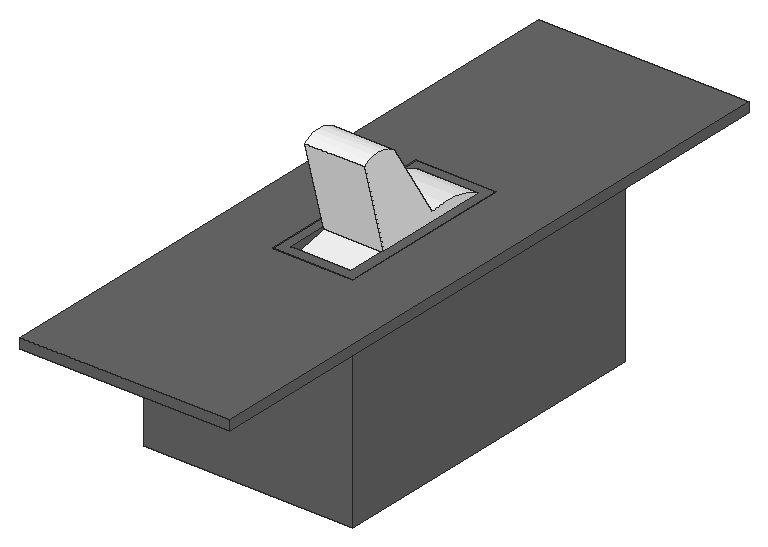
Revit family "Switch_Toggle_Leviton_Toggle-Industrial", category Electrical Fixtures, Revit 2026
Family settings
  Round Connector Dimension = Use Diameter
  Part Type = Normal
  Work Plane-Based = Yes
  Always vertical = No
  Cut with Voids When Loaded = No
  Maintain Annotation Orientation = No
  Shared = No
  Room Calculation Point = No
Parameters
  offset [instance] = 0' - 0"
  Warranty Duration (Years) = 0
  Voltage_MEP = 0 V
  Unit Width = 0' - 1 79/256"
  Unit Height = 0' - 4 15/256"
  Unit Depth = 0' - 0 31/32"
  URL = "http://www.leviton.com/OA_HTML/Home.jsp?minisite=10251&respid=22372"
  Termination = "as Specified"
  Switch Height = 0' - 1"
  Standards Conformance = "as Specified"
  Specification = ""
  SpecWizard = ""
  Send Message = "http://www.arcat.com/users.pl?action=UserEmail&company=Leviton+Mfg.+Co.,+Inc.&coid=41690&rep=117&fax=631-812-6252&mf="
  Screw Mounts Location = 0' - 3 9/32"
  Sales Information = "http://www.leviton.com/OA_HTML/SectionDisplay.jsp?section=37579&minisite=10251"
  Revision = "R1_10-2012"
  Projection From Host = 0' - 0 161/256"
  Product Properties = ""
  Product Data = "http://arcat.com/arcatcos/cos41/arc41690.html?isac=1&r=1"
  Number of Poles = 1
  Model = "As Specified"
  Maximum Amperage = 0
  Manufacturer Website = "http://www.leviton.com/OA_HTML/Home.jsp?minisite=10251&respid=22372"
  Manufacturer Phone - Toll Free = "800-323-8920"
  Manufacturer Phone = ""
  Manufacturer Fax = "631-812-6252"
  Manufacturer Address = "201 N. Service Rd. Melville, NY 11747"
  Manufacturer = "Leviton Mfg. Co., Inc."
  Maintenance Schedule (Months) = 0
  MEP Apparent Power = 0 VA
  MEP Amperage = 0 A
  Grounding = "as Specified"
  Backing Visible = yes
  Backing Color = Thermoplastic - Leviton - Black
  Keynote = "16140"
  Installation-Fabrication = ""
  Installation Phase = "Electrical Wiring"
  HP Rating = "as Specified"
  Green Building-LEED = ""
  Fixture Material = Thermoplastic - Leviton - White
  Fixture Grade = "as Specified"
  Fixture Application = "as Specified"
  Expected Lifespan (Years) = 0
  Drawn By = "Sumex Design, Inc. / Robert S. Weygant, CSI, CDT, SCIP"
  Description = "Leviton Product as Specified"
  Default Elevation = 4' - 0"
  Copyright = "©Arcat Inc."
  Construction Details = ""
  Fixture Height = 0' - 2 31/256"
  Assembly Code = "D5020100"
  Acceptable Loads = "as Specified"
Reference planes (in)
  plane 1 "Center (Front/Back)": y = 0
  plane 2 "Bottom": z = 0
  plane 3 "Center (Left/Right)": x = 0
  plane 4 "Front": y = -2.0293
  plane 5 "Back": y = 2.0293
  plane 6 "Left": x = -0.6543
  plane 7 "Right": x = 0.6543
  plane 8 "Top": z = 0.62891
  plane 9: z = -0.96875
  plane 10: y = 0.5
  plane 11: y = -0.5
  plane 12: z = 0.45352
  plane 13: y = 1.06055
  plane 14: y = -1.06055
  plane 15: y = 1.64062
  plane 16: y = -1.64063
Forms (in)
  Extrusion 1, solid, material "Thermoplastic - Leviton - Black" <- "Backing Color"
    sketch origin (0, 0, 0) x (1, 0, 0) y (0, 1, 0)
      loop
        line (-0.6543, 2.0293) -> (-0.6543, -2.0293) -> (0.6543, -2.0293) -> (0.6543, 2.0293) -> (-0.6543, 2.0293)
    from 0 to 0.0625
  Extrusion 2, solid, material "Thermoplastic - Leviton - Black" <- "Backing Color"
    sketch origin (0, 0, 0) x (1, 0, 0) y (0, 1, 0)
      loop
        line (-0.6543, 1.06055) -> (-0.6543, -1.06055) -> (0.6543, -1.06055) -> (0.6543, 1.06055) -> (-0.6543, 1.06055)
    from 0 to -0.96875
  Extrusion 3, solid, material "Thermoplastic - Leviton - White" <- "Fixture Material"
    sketch origin (0, 0, 0) x (0, 1, 0) y (0, 0, 1)
      loop
        line (-0.24082, 0.05117) -> (-0.5, 0) -> (0.5, 0) -> (0.5, 0.0625)
        arc (0.5, 0.0625) -> (0.32175, 0.11934) -> (0.1347, 0.11601) r 0.57552
        line (0.1347, 0.11601) -> (-0.1633, 0.5929)
        arc (-0.1633, 0.5929) -> (-0.2746, 0.62897) -> (-0.3863, 0.59414) r 0.19309
        line (-0.3863, 0.59414) -> (-0.24082, 0.05117)
    from 0.1875 to -0.1875
  Extrusion 4, void
    sketch origin (0, 0, 0) x (1, 0, 0) y (0, 1, 0)
      loop
        line (-0.25, 0.5625) -> (-0.25, -0.5625) -> (0.25, -0.5625) -> (0.25, 0.5625) -> (-0.25, 0.5625)
    from 0.0625 to -0.13804
  Extrusion 5, solid, material "Thermoplastic - Leviton - Black" <- "Backing Color", visible <- "Backing Visible"
    sketch origin (0, 0, 0) x (1, 0, 0) y (0, 1, 0)
      loop
        line (-0.1875, 0.5) -> (-0.1875, -0.5) -> (0.1875, -0.5) -> (0.1875, 0.5) -> (-0.1875, 0.5)
      loop
        line (-0.25, -0.5625) -> (0.25, -0.5625) -> (0.25, 0.5625) -> (-0.25, 0.5625) -> (-0.25, -0.5625)
    from 0 to 0.0625
Cuts and joins
  Extrusion 4 cuts Extrusion 1
  Extrusion 4 cuts Extrusion 2
Dimensions and locks (in)
  equal spacing: plane 6 "Left", plane 3 "Center (Left/Right)", plane 7 "Right"
  "Unit Width": plane 6 "Left" to plane 7 "Right"
  equal spacing: plane 5 "Back", plane 1 "Center (Front/Back)", plane 4 "Front"
  "Unit Height": plane 5 "Back" to plane 4 "Front"
  "Projection From Host": plane 8 "Top" to level
  "Unit Depth": level to plane 9
  equal spacing: plane 10, plane 1 "Center (Front/Back)", plane 11
  "Switch Height": plane 10 to plane 11
  locked: plane 12 to plane 8 "Top" at 0.17539
  equal spacing: plane 13, plane 1 "Center (Front/Back)", plane 14
  "Fixture Height": plane 13 to plane 14
  equal spacing: plane 15, plane 1 "Center (Front/Back)", plane 16
  "Screw Mounts Location": plane 15 to plane 16
  aligned and locked: plane 6 "Left" to Extrusion 1 sketch curve
  aligned and locked: Extrusion 1 sketch curve to plane 5 "Back"
  aligned and locked: plane 4 "Front" to Extrusion 1 sketch curve
  aligned and locked: Extrusion 1 sketch curve to plane 7 "Right"
  aligned and locked: plane 6 "Left" to Extrusion 2 sketch curve
  aligned and locked: Extrusion 2 sketch curve to plane 13
  aligned and locked: plane 14 to Extrusion 2 sketch curve
  aligned and locked: Extrusion 2 sketch curve to plane 7 "Right"
  aligned and locked: Extrusion 2 to plane 9
  aligned and locked: level to Extrusion 2
Automatic sketch dimensions
  Extrusion 3 sketch curve to level = 0' - 0"
  Extrusion 3 sketch curve to plane 11 = 0' - 0"
  Extrusion 3 sketch curve to plane 10 = 0' - 0"
  Extrusion 3 sketch curve to plane 8 "Top" = 0' - 0.03477"
  plane 11 to Extrusion 3 sketch curve = 0' - 0.1137"
  plane 12 to Extrusion 3 sketch curve = 0' - 0.01764"
  Extrusion 3 sketch curve to Extrusion 3 sketch curve = 0' - 0.11062"
  level to Extrusion 3 sketch curve = 0' - 0.05117"
  plane 1 "Center (Front/Back)" to Extrusion 3 sketch curve = 0' - 0.24082"
  Extrusion 3 sketch curve to plane 8 "Top" = 0' - 0.03601"
  Extrusion 3 sketch curve to plane 1 "Center (Front/Back)" = 0' - 0.1347"
  Extrusion 3 sketch curve to plane 1 "Center (Front/Back)" = 0' - 0.23835"
  Extrusion 3 sketch curve to level = 0' - 0.4501"
  Extrusion 3 sketch curve to Extrusion 3 sketch curve = 0' - 0 1/16"
  Extrusion 5 sketch curve to plane 11 = 0' - 0"
  Extrusion 5 sketch curve to plane 10 = 0' - 0"
  Extrusion 5 sketch curve to plane 3 "Center (Left/Right)" = 0' - 0 3/16"
  plane 3 "Center (Left/Right)" to Extrusion 5 sketch curve = 0' - 0 3/16"
  Extrusion 5 sketch curve to Extrusion 5 sketch curve = 0' - 0 1/16"  (x2)
  Extrusion 5 sketch curve to plane 11 = 0' - 0 1/16"
  plane 10 to Extrusion 5 sketch curve = 0' - 0 1/16"
  Extrusion 4 sketch curve to plane 11 = 0' - 0 1/16"
  Extrusion 4 sketch curve to plane 3 "Center (Left/Right)" = 0' - 0 1/4"
  plane 10 to Extrusion 4 sketch curve = 0' - 0 1/16"
  plane 3 "Center (Left/Right)" to Extrusion 4 sketch curve = 0' - 0 1/4"
Connectors (in)
  electrical at (0, 0, 0)
    settings: index 1, voltage 0 V, apparent load 0 VA, apparent load phase1 0 VA, apparent load phase2 0 VA, apparent load phase3 0 VA, power factor 1, load classification "Other", number of poles 1, system type 31, power factor state 1, is connector primary yes, connector utility no, sub classification motor no, connector description ""
